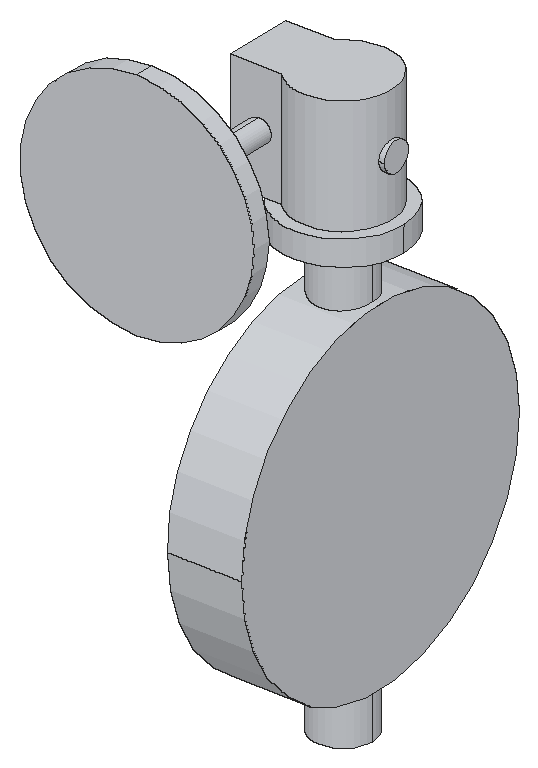
Revit family "HS497-67_disk-litina-převodové kolo DN500-RFA_2018", category Pipe Accessories, Revit 2018
Family settings
  Round Connector Dimension = Use Diameter
  Part Type = Valve - Breaks Into
  Work Plane-Based = No
  Always vertical = Yes
  Cut with Voids When Loaded = No
  Shared = No
Parameters (values of type "HS 497-67_DN500_PN10_převodové kolo")
  magiProductId = "7647804f32e94cef828a7034a91a46"
  magiProductFamilyId = "53cea81e6f374d17b8841d9c72ad77"
  magiPartTypeId = 305
  isMeasuringValve [instance] = no
  ang2D [instance] = 0.00°
  X11 = 143.397 mm
  X1 = 59.397 mm
  W2D = 1000 mm
  VersionID = "2.0/2017.9.26.1/ZETKAMA_497_001"
  Use Minimum Symbol Size [instance] = yes
  URL = "http://www.hydronic.cz"
  Type Comments = "mezipřírubová; litinový disk; PN10; -10~+110°C (krátkodobě +120°C)"
  SW30 = yes
  SW3 = yes
  SW21 = no
  SW20 = no
  SW2 = no
  SW1 = no
  R = 250 mm
  QmdConnectorList = "301;D;302;D"
  Productdata [instance] = ""
  NC = 91.5 mm
  Model = ""
  Manufacturer = "Hydronic Systems Prague s.r.o."
  MM20 = 59.397 mm
  MC Product Code = "125 500 (litinový disk, s převodovým kolem; DN500; PN10, kvs23805)"
  M41 = 144.75 mm
  M4 = 96.5 mm
  LHL = 220 mm
  LHH3 = 2.45 mm
  LHH1 = 46.55 mm
  LH1 = 73.333 mm
  L4R__ve = -L4R  # -32.1 mm
  L4R = 32.1 mm
  L42__ve = -L42  # -240.75 mm
  L42 = 240.75 mm
  L41__ve = -L41  # -48.15 mm
  L41 = 48.15 mm
  L2D_Min = 3048 mm
  L2D = 216 mm
  L2 = 63.5 mm
  L1 = 101.6 mm
  L = 127 mm
  H = 38 mm
  G22 = 11.25 mm
  G2 = 22.5 mm
  G1 = 90 mm
  G = 210 mm
  F = 36 mm
  E44 = 100 mm
  E42 = 200 mm
  E4 = 400 mm
  E23 = 4.9 mm
  E22 = 19.6 mm
  E21 = 9.8 mm
  Description = "Mezipřírubová uzavírací klapka s převodovým kolem; litinový disk, DN500; PN10; kvs23805"
  DR2 = 250 mm
  DR = 593 mm
  DD1 = 50 mm
  DD = 40 mm
  D = 500 mm
  CAT0 = yes
  B2__ve = -B2  # -130 mm
  B2 = 130 mm
  A2 = 43.25 mm
  A1 = 139.25 mm
Types (43, lengths in mm): name | magiProductId | X11 | X1 | Type Comments | SW30 | SW3 | SW20 | SW2 | SW1 | R | NC | MM20 | MC Product Code | M41 | M4 | LHL | LHH3 | LHH1 | LH1 | L4R__ve | L4R | L42__ve | L42 | L41__ve | L41 | L2 | L1 | L | H | G | F | E44 | E42 | E4 | E23 | E22 | E21 | Description | DR2 | DR | DD1 | DD | D | B2__ve | B2 | A2 | A1
  HS 497-67_DN100_PN16_volné vřeteno | "65d1b245f4f142c78569c0602d5754" | 61.456 | 25.456 | "mezipřírubová; litinový disk; PN16; -10~+110°C (krátkodobě +120°C)" | no | no | no | no | yes | 50 | 50 | 25.456 | "123 100 (litinový disk, s volným vřetenem; DN100; PN16, kvs512)" | 66 | 44 | 220 | 2.45 | 46.55 | 73.333 | -12.8 | 12.8 | -96 | 96 | -19.2 | 19.2 | 26 | 41.6 | 52 | 30 | 90 | 11 | 31.25 | 62.5 | 125 | 4.9 | 19.6 | 9.8 | "Mezipřírubová uzavírací klapka s volným vřetenem; litinový disk, DN100; PN16; kvs512" | 50 | 147 | 15.625 | 12.5 | 100 | -56 | 56 | 16.5 | 98.5
  HS 497-67_DN100_PN16_převodové kolo | "11e91b807e674d428c8e796fcdcfe2" | 61.456 | 25.456 | "mezipřírubová; litinový disk; PN16; -10~+110°C (krátkodobě +120°C)" | yes | yes | no | no | no | 50 | 50 | 25.456 | "125 100 (litinový disk, s převodovým kolem; DN100; PN16, kvs512)" | 65.25 | 43.5 | 220 | 2.45 | 46.55 | 73.333 | -12.8 | 12.8 | -96 | 96 | -19.2 | 19.2 | 26 | 41.6 | 52 | 30 | 90 | 11 | 31.25 | 62.5 | 125 | 4.9 | 19.6 | 9.8 | "Mezipřírubová uzavírací klapka s převodovým kolem; litinový disk, DN100; PN16; kvs512" | 50 | 147 | 15.625 | 12.5 | 100 | -56 | 56 | 16.5 | 98.5
  HS 497-67_DN100_PN16_s pákou | "28172f0b3f4b47b28323ac71cf8749" | 61.456 | 25.456 | "mezipřírubová; litinový disk; PN16; -10~+110°C (krátkodobě +120°C)" | no | no | yes | yes | no | 50 | 50 | 25.456 | "120 100 (litinový disk, s pákou; DN100; PN16, kvs512)" | 66 | 44 | 260 | 3 | 57 | 86.667 | -12.8 | 12.8 | -96 | 96 | -19.2 | 19.2 | 26 | 41.6 | 52 | 30 | 90 | 11 | 31.25 | 62.5 | 125 | 6 | 24 | 12 | "Mezipřírubová uzavírací klapka s pákou; litinový disk, DN100; PN16; kvs512" | 50 | 147 | 15.625 | 12.5 | 100 | -56 | 56 | 16.5 | 98.5
  HS 497-67_DN125_PN16_volné vřeteno | "0d813d910fc14f628bb3c2efbd185c" | 61.456 | 25.456 | "mezipřírubová; litinový disk; PN16; -10~+110°C (krátkodobě +120°C)" | no | no | no | no | yes | 62.5 | 50 | 25.456 | "123 125 (litinový disk, s volným vřetenem; DN125; PN16, kvs872)" | 66 | 44 | 220 | 2.45 | 46.55 | 73.333 | -12.8 | 12.8 | -96 | 96 | -19.2 | 19.2 | 28 | 44.8 | 56 | 33 | 90 | 14 | 31.25 | 62.5 | 125 | 4.9 | 19.6 | 9.8 | "Mezipřírubová uzavírací klapka s volným vřetenem; litinový disk, DN125; PN16; kvs872" | 62.5 | 180 | 15.625 | 12.5 | 125 | -64 | 64 | 18 | 99.5
  HS 497-67_DN125_PN16_převodové kolo | "c56b7c13f372467684996fb1e0e229" | 61.456 | 25.456 | "mezipřírubová; litinový disk; PN16; -10~+110°C (krátkodobě +120°C)" | yes | yes | no | no | no | 62.5 | 50 | 25.456 | "125 125 (litinový disk, s převodovým kolem; DN125; PN16, kvs872)" | 65.25 | 43.5 | 220 | 2.45 | 46.55 | 73.333 | -13.5 | 13.5 | -101.25 | 101.25 | -20.25 | 20.25 | 28 | 44.8 | 56 | 33 | 90 | 14 | 40 | 80 | 160 | 4.9 | 19.6 | 9.8 | "Mezipřírubová uzavírací klapka s převodovým kolem; litinový disk, DN125; PN16; kvs872" | 62.5 | 180 | 20 | 16 | 125 | -64 | 64 | 18 | 99.5
  HS 497-67_DN125_PN16_s pákou | "105993c79a91492399feef7931321a" | 61.456 | 25.456 | "mezipřírubová; litinový disk; PN16; -10~+110°C (krátkodobě +120°C)" | no | no | yes | yes | no | 62.5 | 50 | 25.456 | "120 125 (litinový disk, s pákou; DN125; PN16, kvs872)" | 66 | 44 | 315 | 3.75 | 71.25 | 105 | -12.8 | 12.8 | -96 | 96 | -19.2 | 19.2 | 28 | 44.8 | 56 | 33 | 90 | 14 | 31.25 | 62.5 | 125 | 7.5 | 30 | 15 | "Mezipřírubová uzavírací klapka s pákou; litinový disk, DN125; PN16; kvs872" | 62.5 | 180 | 15.625 | 12.5 | 125 | -64 | 64 | 18 | 99.5
  HS 497-67_DN150_PN16_volné vřeteno | "50c80cb8ab434f55ab7796e5ac1331" | 61.456 | 25.456 | "mezipřírubová; litinový disk; PN16; -10~+110°C (krátkodobě +120°C)" | no | no | no | no | yes | 75 | 50 | 25.456 | "123 150 (litinový disk, s volným vřetenem; DN150; PN16, kvs1347)" | 66 | 44 | 220 | 2.45 | 46.55 | 73.333 | -12.8 | 12.8 | -96 | 96 | -19.2 | 19.2 | 28 | 44.8 | 56 | 33 | 90 | 14 | 31.25 | 62.5 | 125 | 4.9 | 19.6 | 9.8 | "Mezipřírubová uzavírací klapka s volným vřetenem; litinový disk, DN150; PN16; kvs1347" | 75 | 206 | 15.625 | 12.5 | 150 | -58 | 58 | 19.3 | 98.7
  HS 497-67_DN150_PN16_převodové kolo | "d94a1a0cf83b476eb10011b327f709" | 61.456 | 25.456 | "mezipřírubová; litinový disk; PN16; -10~+110°C (krátkodobě +120°C)" | yes | yes | no | no | no | 75 | 50 | 25.456 | "125 150 (litinový disk, s převodovým kolem; DN150; PN16, kvs1347)" | 65.25 | 43.5 | 220 | 2.45 | 46.55 | 73.333 | -13.5 | 13.5 | -101.25 | 101.25 | -20.25 | 20.25 | 28 | 44.8 | 56 | 33 | 90 | 14 | 40 | 80 | 160 | 4.9 | 19.6 | 9.8 | "Mezipřírubová uzavírací klapka s převodovým kolem; litinový disk, DN150; PN16; kvs1347" | 75 | 206 | 20 | 16 | 150 | -58 | 58 | 19.3 | 98.7
  HS 497-67_DN150_PN16_s pákou | "4d2835523fe84828bc50ff0a5a0dfb" | 61.456 | 25.456 | "mezipřírubová; litinový disk; PN16; -10~+110°C (krátkodobě +120°C)" | no | no | yes | yes | no | 75 | 50 | 25.456 | "120 150 (litinový disk, s pákou; DN150; PN16, kvs1347)" | 66 | 44 | 315 | 3.75 | 71.25 | 105 | -12.8 | 12.8 | -96 | 96 | -19.2 | 19.2 | 28 | 44.8 | 56 | 33 | 90 | 14 | 31.25 | 62.5 | 125 | 7.5 | 30 | 15 | "Mezipřírubová uzavírací klapka s pákou; litinový disk, DN150; PN16; kvs1347" | 75 | 206 | 15.625 | 12.5 | 150 | -58 | 58 | 19.3 | 98.7
  HS 497-67_DN200_PN16_volné vřeteno | "5b29029eaeba47139ee1055a4b9201" | 61.456 | 25.456 | "mezipřírubová; litinový disk; PN16; -10~+110°C (krátkodobě +120°C)" | no | no | no | no | yes | 100 | 50 | 25.456 | "123 200 (litinový disk, s volným vřetenem; DN200; PN16, kvs2675)" | 66 | 44 | 220 | 2.45 | 46.55 | 73.333 | -12.8 | 12.8 | -96 | 96 | -19.2 | 19.2 | 30 | 48 | 60 | 33 | 90 | 17 | 31.25 | 62.5 | 125 | 4.9 | 19.6 | 9.8 | "Mezipřírubová uzavírací klapka s volným vřetenem; litinový disk, DN200; PN16; kvs2675" | 100 | 257 | 15.625 | 12.5 | 200 | -70 | 70 | 22.5 | 102.5
  HS 497-67_DN200_PN16_převodové kolo | "b2793cc1fcc44cf2a35062cd67c04f" | 61.456 | 25.456 | "mezipřírubová; litinový disk; PN16; -10~+110°C (krátkodobě +120°C)" | yes | yes | no | no | no | 100 | 57 | 25.456 | "125 200 (litinový disk, s převodovým kolem; DN200; PN16, kvs2675)" | 78.75 | 52.5 | 220 | 2.45 | 46.55 | 73.333 | -15.2 | 15.2 | -114 | 114 | -22.8 | 22.8 | 30 | 48 | 60 | 33 | 90 | 17 | 50 | 100 | 200 | 4.9 | 19.6 | 9.8 | "Mezipřírubová uzavírací klapka s převodovým kolem; litinový disk, DN200; PN16; kvs2675" | 100 | 257 | 25 | 20 | 200 | -70 | 70 | 22.5 | 102.5
  HS 497-67_DN200_PN16_s pákou | "f88d96c7af224537a51e72d7d8fffe" | 61.456 | 25.456 | "mezipřírubová; litinový disk; PN16; -10~+110°C (krátkodobě +120°C)" | no | no | yes | yes | no | 100 | 50 | 25.456 | "120 200 (litinový disk, s pákou; DN200; PN16, kvs2675)" | 66 | 44 | 315 | 3.75 | 71.25 | 105 | -12.8 | 12.8 | -96 | 96 | -19.2 | 19.2 | 30 | 48 | 60 | 33 | 90 | 17 | 31.25 | 62.5 | 125 | 7.5 | 30 | 15 | "Mezipřírubová uzavírací klapka s pákou; litinový disk, DN200; PN16; kvs2675" | 100 | 257 | 15.625 | 12.5 | 200 | -70 | 70 | 22.5 | 102.5
  HS 497-67_DN250_PN16_volné vřeteno | "b662e8305ca2402b9c510e66e6aa55" | 88.77 | 36.77 | "mezipřírubová; litinový disk; PN16; -10~+110°C (krátkodobě +120°C)" | no | no | no | no | yes | 125 | 50 | 36.77 | "123 250 (litinový disk, s volným vřetenem; DN250; PN16, kvs4555)" | 66 | 44 | 220 | 2.45 | 46.55 | 73.333 | -12.8 | 12.8 | -96 | 96 | -19.2 | 19.2 | 34 | 54.4 | 68 | 23 | 130 | 22 | 31.25 | 62.5 | 125 | 4.9 | 19.6 | 9.8 | "Mezipřírubová uzavírací klapka s volným vřetenem; litinový disk, DN250; PN16; kvs4555" | 125 | 324 | 15.625 | 12.5 | 250 | -85 | 85 | 28.25 | 129.25
  HS 497-67_DN250_PN16_převodové kolo | "5ee9016806664ddfaa2632711f295c" | 88.77 | 36.77 | "mezipřírubová; litinový disk; PN16; -10~+110°C (krátkodobě +120°C)" | yes | yes | no | no | no | 125 | 70 | 36.77 | "125 250 (litinový disk, s převodovým kolem; DN250; PN16, kvs4555)" | 91.5 | 61 | 220 | 2.45 | 46.55 | 73.333 | -22.2 | 22.2 | -166.5 | 166.5 | -33.3 | 33.3 | 34 | 54.4 | 68 | 23 | 130 | 22 | 62.5 | 125 | 250 | 4.9 | 19.6 | 9.8 | "Mezipřírubová uzavírací klapka s převodovým kolem; litinový disk, DN250; PN16; kvs4555" | 125 | 324 | 31.25 | 25 | 250 | -85 | 85 | 28.25 | 129.25
  HS 497-67_DN300_PN16_volné vřeteno | "e1886f51ff004380a649519258edf2" | 88.77 | 36.77 | "mezipřírubová; litinový disk; PN16; -10~+110°C (krátkodobě +120°C)" | no | no | no | no | yes | 150 | 50 | 36.77 | "123 300 (litinový disk, s volným vřetenem; DN300; PN16, kvs7037)" | 66 | 44 | 220 | 2.45 | 46.55 | 73.333 | -12.8 | 12.8 | -96 | 96 | -19.2 | 19.2 | 39 | 62.4 | 78 | 23 | 130 | 22 | 31.25 | 62.5 | 125 | 4.9 | 19.6 | 9.8 | "Mezipřírubová uzavírací klapka s volným vřetenem; litinový disk, DN300; PN16; kvs7037" | 150 | 376 | 15.625 | 12.5 | 300 | -90 | 90 | 30.8 | 127.2
  HS 497-67_DN300_PN16_převodové kolo | "6860f094f77d42088fbebc3c97f755" | 88.77 | 36.77 | "mezipřírubová; litinový disk; PN16; -10~+110°C (krátkodobě +120°C)" | yes | yes | no | no | no | 150 | 70 | 36.77 | "125 300 (litinový disk, s převodovým kolem; DN300; PN16, kvs7037)" | 91.5 | 61 | 220 | 2.45 | 46.55 | 73.333 | -22.2 | 22.2 | -166.5 | 166.5 | -33.3 | 33.3 | 39 | 62.4 | 78 | 23 | 130 | 22 | 62.5 | 125 | 250 | 4.9 | 19.6 | 9.8 | "Mezipřírubová uzavírací klapka s převodovým kolem; litinový disk, DN300; PN16; kvs7037" | 150 | 376 | 31.25 | 25 | 300 | -90 | 90 | 30.8 | 127.2
  HS 497-67_DN032_PN16_volné vřeteno | "8c5f65de52aa4067a77564107e31b2" | 61.456 | 25.456 | "mezipřírubová; litinový disk; PN16; -10~+110°C (krátkodobě +120°C)" | no | no | no | no | yes | 16 | 50 | 25.456 | "123 032 (litinový disk, s volným vřetenem; DN32; PN16, kvs78)" | 66 | 44 | 220 | 2.45 | 46.55 | 73.333 | -12.8 | 12.8 | -96 | 96 | -19.2 | 19.2 | 16.5 | 26.4 | 33 | 30 | 90 | 11 | 31.25 | 62.5 | 125 | 4.9 | 19.6 | 9.8 | "Mezipřírubová uzavírací klapka s volným vřetenem; litinový disk, DN32; PN16; kvs78" | 16 | 68 | 15.625 | 12.5 | 32 | -44.2 | 44.2 | 10.25 | 76.25
  HS 497-67_DN032_PN16_převodové kolo | "60aaeffa8b3a4e809ef000e4660060" | 61.456 | 25.456 | "mezipřírubová; litinový disk; PN16; -10~+110°C (krátkodobě +120°C)" | yes | yes | no | no | no | 16 | 50 | 25.456 | "125 032 (litinový disk, s převodovým kolem; DN32; PN16, kvs78)" | 65.25 | 43.5 | 220 | 2.45 | 46.55 | 73.333 | -12.8 | 12.8 | -96 | 96 | -19.2 | 19.2 | 16.5 | 26.4 | 33 | 30 | 90 | 11 | 31.25 | 62.5 | 125 | 4.9 | 19.6 | 9.8 | "Mezipřírubová uzavírací klapka s převodovým kolem; litinový disk, DN32; PN16; kvs78" | 16 | 68 | 15.625 | 12.5 | 32 | -44.2 | 44.2 | 10.25 | 76.25
  HS 497-67_DN032_PN16_s pákou | "9ad8088d610749a1b871aa2aad8007" | 61.456 | 25.456 | "mezipřírubová; litinový disk; PN16; -10~+110°C (krátkodobě +120°C)" | no | no | yes | yes | no | 16 | 50 | 25.456 | "120 032 (litinový disk, s pákou; DN32; PN16, kvs78)" | 66 | 44 | 220 | 2.45 | 46.55 | 73.333 | -12.8 | 12.8 | -96 | 96 | -19.2 | 19.2 | 16.5 | 26.4 | 33 | 30 | 90 | 11 | 31.25 | 62.5 | 125 | 4.9 | 19.6 | 9.8 | "Mezipřírubová uzavírací klapka s pákou; litinový disk, DN32; PN16; kvs78" | 16 | 68 | 15.625 | 12.5 | 32 | -44.2 | 44.2 | 10.25 | 76.25
  HS 497-67_DN350_PN10_volné vřeteno | "72a1e05f22944421b7e9596a877137" | 109.255 | 45.255 | "mezipřírubová; litinový disk; PN10; -10~+110°C (krátkodobě +120°C)" | no | no | no | no | yes | 175 | 50 | 45.255 | "123 350 (litinový disk, s volným vřetenem; DN350; PN10, kvs10165)" | 66 | 44 | 220 | 2.45 | 46.55 | 73.333 | -12.8 | 12.8 | -96 | 96 | -19.2 | 19.2 | 39 | 62.4 | 78 | 31 | 160 | 22 | 31.25 | 62.5 | 125 | 4.9 | 19.6 | 9.8 | "Mezipřírubová uzavírací klapka s volným vřetenem; litinový disk, DN350; PN10; kvs10165" | 175 | 430 | 15.625 | 12.5 | 350 | -88 | 88 | 33.85 | 129.65
  HS 497-67_DN350_PN10_převodové kolo | "a5a01426cb28494ba3afca92f1dace" | 109.255 | 45.255 | "mezipřírubová; litinový disk; PN10; -10~+110°C (krátkodobě +120°C)" | yes | yes | no | no | no | 175 | 70 | 45.255 | "125 350 (litinový disk, s převodovým kolem; DN350; PN10, kvs10165)" | 91.5 | 61 | 220 | 2.45 | 46.55 | 73.333 | -22.2 | 22.2 | -166.5 | 166.5 | -33.3 | 33.3 | 39 | 62.4 | 78 | 31 | 160 | 22 | 62.5 | 125 | 250 | 4.9 | 19.6 | 9.8 | "Mezipřírubová uzavírací klapka s převodovým kolem; litinový disk, DN350; PN10; kvs10165" | 175 | 430 | 31.25 | 25 | 350 | -88 | 88 | 33.85 | 129.65
  HS 497-67_DN400_PN10_volné vřeteno | "c70ebeb927c04ab99b176e257ad0a7" | 109.255 | 45.255 | "mezipřírubová; litinový disk; PN10; -10~+110°C (krátkodobě +120°C)" | no | no | no | no | yes | 200 | 50 | 45.255 | "123 400 (litinový disk, s volným vřetenem; DN400; PN10, kvs13799)" | 66 | 44 | 220 | 2.45 | 46.55 | 73.333 | -12.8 | 12.8 | -96 | 96 | -19.2 | 19.2 | 51 | 81.6 | 102 | 31 | 160 | 27 | 31.25 | 62.5 | 125 | 4.9 | 19.6 | 9.8 | "Mezipřírubová uzavírací klapka s volným vřetenem; litinový disk, DN400; PN10; kvs13799" | 200 | 485 | 15.625 | 12.5 | 400 | -108 | 108 | 38 | 142
  HS 497-67_DN400_PN10_převodové kolo | "cc64a4384dcb41b780d81810f4f293" | 109.255 | 45.255 | "mezipřírubová; litinový disk; PN10; -10~+110°C (krátkodobě +120°C)" | yes | yes | no | no | no | 200 | 72.5 | 45.255 | "125 400 (litinový disk, s převodovým kolem; DN400; PN10, kvs13799)" | 103.5 | 69 | 220 | 2.45 | 46.55 | 73.333 | -27.8 | 27.8 | -208.5 | 208.5 | -41.7 | 41.7 | 51 | 81.6 | 102 | 31 | 160 | 27 | 75 | 150 | 300 | 4.9 | 19.6 | 9.8 | "Mezipřírubová uzavírací klapka s převodovým kolem; litinový disk, DN400; PN10; kvs13799" | 200 | 485 | 37.5 | 30 | 400 | -108 | 108 | 38 | 142
  HS 497-67_DN040_PN16_volné vřeteno | "35f92312390745e88df5b5c325d9ee" | 61.456 | 25.456 | "mezipřírubová; litinový disk; PN16; -10~+110°C (krátkodobě +120°C)" | no | no | no | no | yes | 20 | 50 | 25.456 | "123 040 (litinový disk, s volným vřetenem; DN40; PN16, kvs78)" | 66 | 44 | 220 | 2.45 | 46.55 | 73.333 | -12.8 | 12.8 | -96 | 96 | -19.2 | 19.2 | 16.5 | 26.4 | 33 | 30 | 90 | 11 | 31.25 | 62.5 | 125 | 4.9 | 19.6 | 9.8 | "Mezipřírubová uzavírací klapka s volným vřetenem; litinový disk, DN40; PN16; kvs78" | 20 | 76 | 15.625 | 12.5 | 40 | -36 | 36 | 11 | 79
  HS 497-67_DN040_PN16_převodové kolo | "d88e968eae3445bc9b7b4e6ff35127" | 61.456 | 25.456 | "mezipřírubová; litinový disk; PN16; -10~+110°C (krátkodobě +120°C)" | yes | yes | no | no | no | 20 | 50 | 25.456 | "125 040 (litinový disk, s převodovým kolem; DN40; PN16, kvs78)" | 65.25 | 43.5 | 220 | 2.45 | 46.55 | 73.333 | -12.8 | 12.8 | -96 | 96 | -19.2 | 19.2 | 16.5 | 26.4 | 33 | 30 | 90 | 11 | 31.25 | 62.5 | 125 | 4.9 | 19.6 | 9.8 | "Mezipřírubová uzavírací klapka s převodovým kolem; litinový disk, DN40; PN16; kvs78" | 20 | 76 | 15.625 | 12.5 | 40 | -36 | 36 | 11 | 79
  HS 497-67_DN040_PN16_s pákou | "c1b522ca65b4407a98818f232eaacb" | 61.456 | 25.456 | "mezipřírubová; litinový disk; PN16; -10~+110°C (krátkodobě +120°C)" | no | no | yes | yes | no | 20 | 50 | 25.456 | "120 040 (litinový disk, s pákou; DN40; PN16, kvs78)" | 66 | 44 | 220 | 2.45 | 46.55 | 73.333 | -12.8 | 12.8 | -96 | 96 | -19.2 | 19.2 | 16.5 | 26.4 | 33 | 30 | 90 | 11 | 31.25 | 62.5 | 125 | 4.9 | 19.6 | 9.8 | "Mezipřírubová uzavírací klapka s pákou; litinový disk, DN40; PN16; kvs78" | 20 | 76 | 15.625 | 12.5 | 40 | -36 | 36 | 11 | 79
  HS 497-67_DN450_PN10_volné vřeteno | "a8358bc282f14872b3194e530e590a" | 129.74 | 53.74 | "mezipřírubová; litinový disk; PN10; -10~+110°C (krátkodobě +120°C)" | no | no | no | no | yes | 225 | 50 | 53.74 | "123 450 (litinový disk, s volným vřetenem; DN450; PN10, kvs18514)" | 66 | 44 | 220 | 2.45 | 46.55 | 73.333 | -12.8 | 12.8 | -96 | 96 | -19.2 | 19.2 | 57 | 91.2 | 114 | 38 | 190 | 36 | 31.25 | 62.5 | 125 | 4.9 | 19.6 | 9.8 | "Mezipřírubová uzavírací klapka s volným vřetenem; litinový disk, DN450; PN10; kvs18514" | 225 | 536 | 15.625 | 12.5 | 450 | -115 | 115 | 38.05 | 117.45
  HS 497-67_DN450_PN10_převodové kolo | "cdf2d80f54a9414f9cbe50647c0ebd" | 129.74 | 53.74 | "mezipřírubová; litinový disk; PN10; -10~+110°C (krátkodobě +120°C)" | yes | yes | no | no | no | 225 | 91.5 | 53.74 | "125 450 (litinový disk, s převodovým kolem; DN450; PN10, kvs18514)" | 144.75 | 96.5 | 220 | 2.45 | 46.55 | 73.333 | -32.1 | 32.1 | -240.75 | 240.75 | -48.15 | 48.15 | 57 | 91.2 | 114 | 38 | 190 | 36 | 100 | 200 | 400 | 4.9 | 19.6 | 9.8 | "Mezipřírubová uzavírací klapka s převodovým kolem; litinový disk, DN450; PN10; kvs18514" | 225 | 536 | 50 | 40 | 450 | -115 | 115 | 38.05 | 117.45
  HS 497-67_DN500_PN10_volné vřeteno | "8c396e27bb2743f98f3c762b6517cd" | 143.397 | 59.397 | "mezipřírubová; litinový disk; PN10; -10~+110°C (krátkodobě +120°C)" | no | no | no | no | yes | 250 | 50 | 59.397 | "123 500 (litinový disk, s volným vřetenem; DN500; PN10, kvs23805)" | 66 | 44 | 220 | 2.45 | 46.55 | 73.333 | -12.8 | 12.8 | -96 | 96 | -19.2 | 19.2 | 63.5 | 101.6 | 127 | 38 | 210 | 36 | 31.25 | 62.5 | 125 | 4.9 | 19.6 | 9.8 | "Mezipřírubová uzavírací klapka s volným vřetenem; litinový disk, DN500; PN10; kvs23805" | 250 | 593 | 15.625 | 12.5 | 500 | -130 | 130 | 43.25 | 139.25
  HS 497-67_DN500_PN10_převodové kolo | "7647804f32e94cef828a7034a91a46" | 143.397 | 59.397 | "mezipřírubová; litinový disk; PN10; -10~+110°C (krátkodobě +120°C)" | yes | yes | no | no | no | 250 | 91.5 | 59.397 | "125 500 (litinový disk, s převodovým kolem; DN500; PN10, kvs23805)" | 144.75 | 96.5 | 220 | 2.45 | 46.55 | 73.333 | -32.1 | 32.1 | -240.75 | 240.75 | -48.15 | 48.15 | 63.5 | 101.6 | 127 | 38 | 210 | 36 | 100 | 200 | 400 | 4.9 | 19.6 | 9.8 | "Mezipřírubová uzavírací klapka s převodovým kolem; litinový disk, DN500; PN10; kvs23805" | 250 | 593 | 50 | 40 | 500 | -130 | 130 | 43.25 | 139.25
  HS 497-67_DN050_volné vřeteno | "d71f296ecd6d4adf8f6e5d9853b4e0" | 61.456 | 25.456 | "mezipřírubová; litinový disk; PN16; -10~+110°C (krátkodobě +120°C)" | no | no | no | no | yes | 25 | 50 | 25.456 | "123 050 (litinový disk, s volným vřetenem; DN50; PN16, kvs98)" | 66 | 44 | 220 | 2.45 | 46.55 | 73.333 | -12.8 | 12.8 | -96 | 96 | -19.2 | 19.2 | 21.5 | 34.4 | 43 | 30 | 90 | 11 | 31.25 | 62.5 | 125 | 4.9 | 19.6 | 9.8 | "Mezipřírubová uzavírací klapka s volným vřetenem; litinový disk, DN50; PN16; kvs98" | 25 | 100 | 15.625 | 12.5 | 50 | -36.5 | 36.5 | 12 | 83
  HS 497-67_DN050_PN16_převodové kolo | "2fb080deeaed49c58418b94c1da5a4" | 61.456 | 25.456 | "mezipřírubová; litinový disk; PN16; -10~+110°C (krátkodobě +120°C)" | yes | yes | no | no | no | 25 | 50 | 25.456 | "125 050 (litinový disk, s převodovým kolem; DN50; PN16, kvs98)" | 65.25 | 43.5 | 220 | 2.45 | 46.55 | 73.333 | -12.8 | 12.8 | -96 | 96 | -19.2 | 19.2 | 21.5 | 34.4 | 43 | 30 | 90 | 11 | 31.25 | 62.5 | 125 | 4.9 | 19.6 | 9.8 | "Mezipřírubová uzavírací klapka s převodovým kolem; litinový disk, DN50; PN16; kvs98" | 25 | 100 | 15.625 | 12.5 | 50 | -36.5 | 36.5 | 12 | 83
  HS 497-67_DN050_PN16_s pákou | "dabc632061f94877a994b9b4e68112" | 61.456 | 25.456 | "mezipřírubová; litinový disk; PN16; -10~+110°C (krátkodobě +120°C)" | no | no | yes | yes | no | 25 | 50 | 25.456 | "120 050 (litinový disk, s pákou; DN50; PN16, kvs98)" | 66 | 44 | 220 | 2.45 | 46.55 | 73.333 | -12.8 | 12.8 | -96 | 96 | -19.2 | 19.2 | 21.5 | 34.4 | 43 | 30 | 90 | 11 | 31.25 | 62.5 | 125 | 4.9 | 19.6 | 9.8 | "Mezipřírubová uzavírací klapka s pákou; litinový disk, DN50; PN16; kvs98" | 25 | 100 | 15.625 | 12.5 | 50 | -36.5 | 36.5 | 12 | 83
  HS 497-67_DN600_PN10_volné vřeteno | "99d5892c14664fce81a7c5903f7711" | 143.397 | 59.397 | "mezipřírubová; litinový disk; PN10; -10~+110°C (krátkodobě +120°C)" | no | no | no | no | yes | 300 | 50 | 59.397 | "123 600 (litinový disk, s volným vřetenem; DN600; PN10, kvs36778)" | 66 | 44 | 220 | 2.45 | 46.55 | 73.333 | -12.8 | 12.8 | -96 | 96 | -19.2 | 19.2 | 77 | 123.2 | 154 | 80 | 210 | 60 | 31.25 | 62.5 | 125 | 4.9 | 19.6 | 9.8 | "Mezipřírubová uzavírací klapka s volným vřetenem; litinový disk, DN600; PN10; kvs36788" | 300 | 690 | 15.625 | 12.5 | 600 | -140 | 140 | 49.4 | 144.6
  HS 497-67_DN600_PN10_převodové kolo | "b1e26faab48a4c499f6bb11e7e3002" | 143.397 | 59.397 | "mezipřírubová; litinový disk; PN10; -10~+110°C (krátkodobě +120°C)" | yes | yes | no | no | no | 300 | 140 | 59.397 | "125 600 (litinový disk, s převodovým kolem; DN600; PN10, kvs36778)" | 206.25 | 137.5 | 220 | 2.45 | 46.55 | 73.333 | -40.8 | 40.8 | -306 | 306 | -61.2 | 61.2 | 77 | 123.2 | 154 | 80 | 210 | 60 | 125 | 250 | 500 | 4.9 | 19.6 | 9.8 | "Mezipřírubová uzavírací klapka s převodovým kolem; litinový disk, DN600; PN10; kvs36788" | 300 | 690 | 62.5 | 50 | 600 | -140 | 140 | 49.4 | 144.6
  HS 497-67_DN065_PN16_volné vřeteno | "5e5e208646e34ec29f889baab5d08e" | 61.456 | 25.456 | "mezipřírubová; litinový disk; PN16; -10~+110°C (krátkodobě +120°C)" | no | no | no | no | yes | 32.5 | 50 | 25.456 | "123 065 (litinový disk, s volným vřetenem; DN65; PN16, kvs167)" | 66 | 44 | 220 | 2.45 | 46.55 | 73.333 | -12.8 | 12.8 | -96 | 96 | -19.2 | 19.2 | 23 | 36.8 | 46 | 30 | 90 | 11 | 31.25 | 62.5 | 125 | 4.9 | 19.6 | 9.8 | "Mezipřírubová uzavírací klapka s volným vřetenem; litinový disk, DN65; PN16; kv167" | 32.5 | 108 | 15.625 | 12.5 | 65 | -36.5 | 36.5 | 13.5 | 89
  HS 497-67_DN065_PN16_převodové kolo | "654d74c8d15540b0bfe523d988ccb3" | 61.456 | 25.456 | "mezipřírubová; litinový disk; PN16; -10~+110°C (krátkodobě +120°C)" | yes | yes | no | no | no | 32.5 | 50 | 25.456 | "125 065 (litinový disk, s převodovým kolem; DN65; PN16, kvs167)" | 65.25 | 43.5 | 220 | 2.45 | 46.55 | 73.333 | -12.8 | 12.8 | -96 | 96 | -19.2 | 19.2 | 23 | 36.8 | 46 | 30 | 90 | 11 | 31.25 | 62.5 | 125 | 4.9 | 19.6 | 9.8 | "Mezipřírubová uzavírací klapka s převodovým kolem; litinový disk, DN65; PN16; kvs167" | 32.5 | 108 | 15.625 | 12.5 | 65 | -36.5 | 36.5 | 13.5 | 89
  HS 497-67_DN065_PN16_s pákou | "ebeb4b59db0641caaf6d6635ab37b9" | 61.456 | 25.456 | "mezipřírubová; litinový disk; PN16; -10~+110°C (krátkodobě +120°C)" | no | no | yes | yes | no | 32.5 | 50 | 25.456 | "120 065 (litinový disk, s pákou; DN65; PN16, kvs167)" | 66 | 44 | 220 | 2.45 | 46.55 | 73.333 | -12.8 | 12.8 | -96 | 96 | -19.2 | 19.2 | 23 | 36.8 | 46 | 30 | 90 | 11 | 31.25 | 62.5 | 125 | 4.9 | 19.6 | 9.8 | "Mezipřírubová uzavírací klapka s pákou; litinový disk, DN65; PN16; kvs167" | 32.5 | 108 | 15.625 | 12.5 | 65 | -36.5 | 36.5 | 13.5 | 89
  HS 497-67_DN080_PN16_volné vřeteno | "9e85c75c18654e1185a9c48ed6b00e" | 61.456 | 25.456 | "mezipřírubová; litinový disk; PN16; -10~+110°C (krátkodobě +120°C)" | no | no | no | no | yes | 40 | 50 | 25.456 | "123 080 (litinový disk, s volným vřetenem; DN80; PN16, kvs258)" | 66 | 44 | 220 | 2.45 | 46.55 | 73.333 | -12.8 | 12.8 | -96 | 96 | -19.2 | 19.2 | 23 | 36.8 | 46 | 30 | 90 | 11 | 31.25 | 62.5 | 125 | 4.9 | 19.6 | 9.8 | "Mezipřírubová uzavírací klapka s volným vřetenem; litinový disk, DN80; PN16; kvs258" | 40 | 124 | 15.625 | 12.5 | 80 | -54 | 54 | 14.1 | 86.9
  HS 497-67_DN080_PN16_převodové kolo | "5b3c8238c3d041e68c75b199e7ea46" | 61.456 | 25.456 | "mezipřírubová; litinový disk; PN16; -10~+110°C (krátkodobě +120°C)" | yes | yes | no | no | no | 40 | 50 | 25.456 | "125 080 (litinový disk, s převodovým kolem; DN80; PN16, kvs258)" | 65.25 | 43.5 | 220 | 2.45 | 46.55 | 73.333 | -12.8 | 12.8 | -96 | 96 | -19.2 | 19.2 | 23 | 36.8 | 46 | 30 | 90 | 11 | 31.25 | 62.5 | 125 | 4.9 | 19.6 | 9.8 | "Mezipřírubová uzavírací klapka s převodovým kolem; litinový disk, DN80; PN16; kvs258" | 40 | 124 | 15.625 | 12.5 | 80 | -54 | 54 | 14.1 | 86.9
  HS 497-67_DN080_PN16_s pákou | "e414795fab0f4eccb99bc3572c5477" | 61.456 | 25.456 | "mezipřírubová; litinový disk; PN16; -10~+110°C (krátkodobě +120°C)" | no | no | yes | yes | no | 40 | 50 | 25.456 | "120 080 (litinový disk, s pákou; DN80; PN16, kvs258)" | 66 | 44 | 260 | 3 | 57 | 86.667 | -12.8 | 12.8 | -96 | 96 | -19.2 | 19.2 | 23 | 36.8 | 46 | 30 | 90 | 11 | 31.25 | 62.5 | 125 | 6 | 24 | 12 | "Mezipřírubová uzavírací klapka s pákou; litinový disk, DN80; PN16; kvs258" | 40 | 124 | 15.625 | 12.5 | 80 | -54 | 54 | 14.1 | 86.9
  HS 497-67_DN250_PN16_s pákou | "" | 88.77 | 36.77 | "mezipřírubová; litinový disk; PN16; -10~+110°C (krátkodobě +120°C)" | no | no | yes | yes | no | 125 | 70 | 36.77 | "120 250 (litinový disk, s pákou; DN250; PN16, kvs4555)" | 91.5 | 61 | 220 | 2.45 | 46.55 | 73.333 | -22.2 | 22.2 | -166.5 | 166.5 | -33.3 | 33.3 | 34 | 54.4 | 68 | 23 | 130 | 22 | 62.5 | 125 | 250 | 4.9 | 19.6 | 9.8 | "Mezipřírubová uzavírací klapka s pákou; litinový disk, DN250; PN16; kvs4555" | 125 | 324 | 31.25 | 25 | 250 | -85 | 85 | 28.25 | 129.25
  HS 497-67_DN300_PN16_s pákou | "" | 88.77 | 36.77 | "mezipřírubová; litinový disk; PN16; -10~+110°C (krátkodobě +120°C)" | no | no | yes | yes | no | 150 | 70 | 36.77 | "120 300 (litinový disk, s pákou; DN300; PN16, kvs7037)" | 91.5 | 61 | 220 | 2.45 | 46.55 | 73.333 | -22.2 | 22.2 | -166.5 | 166.5 | -33.3 | 33.3 | 39 | 62.4 | 78 | 23 | 130 | 22 | 62.5 | 125 | 250 | 4.9 | 19.6 | 9.8 | "Mezipřírubová uzavírací klapka s pákou; litinový disk, DN300; PN16; kvs7037" | 150 | 376 | 31.25 | 25 | 300 | -90 | 90 | 30.8 | 127.2
Reference planes
  plane 1 "Center (Front/Back)": y = 0
  plane 2 "XYPLANE": z = 0
  plane 3 "Center (Left/Right)": x = 0
  plane 4 "473": x = -59.397
  plane 5 "472": x = -144.75
  plane 6 "471": y = -59.397
  plane 7 "470": y = 59.397
  plane 8 "469": x = -96.5
  plane 9 "468": y = -288.9
  plane 10 "467": y = -240.75
  plane 11 "466": z = 532.5
  plane 12 "465": z = 479.05
  plane 13 "464": y = 145.417
  plane 14 "463": z = 469.25
  plane 15 "462": z = 452.1
  plane 16 "461": z = 461.9
  plane 17 "460": y = 72.083
  plane 18 "459": x = -11.25
  plane 19 "458": x = 11.25
  plane 20 "457": y = -6.25
  plane 21 "456": x = -17.5
  plane 22 "455": x = 17.5
  plane 23 "454": z = 466.8
  plane 24 "453": y = 62.083
  plane 25 "452": y = -11.25
  plane 26 "451": x = -22.5
  plane 27 "450": x = 22.5
  plane 28 "449": z = 447.2
  plane 29 "448": z = 442.3
  plane 30 "447": z = -250
  plane 31 "446": z = 432.5
  plane 32 "445": z = 389.25
  plane 33 "444": z = 250
  plane 34 "443": x = 63.5
  plane 35 "442": x = -63.5
  plane 36 "441": z = 0
  plane 37 "440": y = 0
  plane 38 "439": x = 0
  plane 39 "438": z = 481.5
  plane 40 "437": z = 466.8
  plane 41 "436": x = 13.7
  plane 42 "435": x = -13.7
  plane 43 "434": y = 220
Forms (mm)
  Extrusion 1, solid, visible <- "SW3"
    sketch origin (-750, 0, 432.5) x (1, 0, 0) y (0, 1, 0)
      loop
        line (605.25, 59.397) -> (605.25, -59.397) -> (690.603, -59.397)
        arc (690.603, -59.397) -> (834, 0) -> (690.603, 59.397) r 84
        line (690.603, 59.397) -> (605.25, 59.397)
    from 0 to 200 <- "E42"
  Extrusion 2, solid, visible <- "SW30"
    sketch origin (0, -750, 0) x (0, 1, 0) y (0, 0, 1)
      loop
        circle (750, 532.5) r 25
    from 0 to 91.5 <- "NC"
  Extrusion 3, solid, visible <- "SW30"
    sketch origin (750, -288.9, 0) x (-1, 0, 0) y (0, 0, 1)
      loop
        circle (846.5, 532.5) r 200
    from 0 to -32.1 <- "L4R__ve"
  Extrusion 4, solid, visible <- "SW3"
    sketch origin (750, -240.75, 0) x (-1, 0, 0) y (0, 0, 1)
      loop
        circle (846.5, 532.5) r 25
    from 0 to -48.15 <- "L41__ve"
  Extrusion 5, solid, visible <- "SW30"
    sketch origin (750, 0, 0) x (-1, 0, 0) y (0, 0, 1)
      loop
        circle (846.5, 532.5) r 20
    from 0 to -240.75 <- "L42__ve"
  Blend 6, solid, visible <- "SW21"
    base sketch origin (750, 72.083, 0) x (-1, 0, 0) y (0, 0, 1)
      loop
        line (761.25, 461.9) -> (738.75, 461.9) -> (738.75, 452.1) -> (761.25, 452.1) -> (761.25, 461.9)
    top sketch origin (750, 72.083, 0) x (-1, 0, 0) y (0, 0, 1)
      loop
        line (761.25, 479.05) -> (738.75, 479.05) -> (738.75, 469.25) -> (761.25, 469.25) -> (761.25, 479.05)
    from 0 to 73.333
  Blend 7, solid, visible <- "SW21"
    base sketch origin (750, 62.083, 0) x (-1, 0, 0) y (0, 0, 1)
      loop
        line (761.25, 466.8) -> (738.75, 466.8) -> (738.75, 447.2) -> (761.25, 447.2) -> (761.25, 466.8)
    top sketch origin (750, 62.083, 0) x (-1, 0, 0) y (0, 0, 1)
      loop
        line (761.25, 461.9) -> (738.75, 461.9) -> (738.75, 452.1) -> (761.25, 452.1) -> (761.25, 461.9)
    from 0 to 10
  Blend 8, solid, visible <- "SW21"
    base sketch origin (-750, 0, 447.2) x (1, 0, 0) y (0, 1, 0)
      loop
        line (772.5, 62.083) -> (727.5, 62.083) -> (727.5, -11.25)
        arc (727.5, -11.25) -> (750, -31.25) -> (772.5, -11.25) r 22.656
        line (772.5, -11.25) -> (772.5, 62.083)
    top sketch origin (-750, 0, 447.2) x (1, 0, 0) y (0, 1, 0)
      loop
        line (767.5, 62.083) -> (732.5, 62.083) -> (732.5, -6.25)
        arc (732.5, -6.25) -> (750, -26.25) -> (767.5, -6.25) r 17.656
        line (767.5, -6.25) -> (767.5, 62.083)
    from 0 to 19.6
  Extrusion 9, solid, visible <- "SW2"
    sketch origin (-750, 0, 442.3) x (1, 0, 0) y (0, 1, 0)
      loop
        circle (750, 0) r 11.25
    from 0 to 4.9 <- "E23"
  Extrusion 10, solid, visible <- "SW2"
    sketch origin (-750, 0, 432.5) x (1, 0, 0) y (0, 1, 0)
      loop
        circle (750, 0) r 45
    from 0 to 9.8 <- "E21"
  Extrusion 11, solid, visible <- "CAT0"
    sketch origin (-750, 0, -250) x (1, 0, 0) y (0, 1, 0)
      loop
        circle (750, 0) r 50.8
    from 0 to -130 <- "B2__ve"
  Extrusion 12, solid, visible <- "CAT0"
    sketch origin (-750, 0, 389.25) x (1, 0, 0) y (0, 1, 0)
      loop
        circle (750, 0) r 105
    from 0 to 43.25 <- "A2"
  Extrusion 13, solid, visible <- "CAT0"
    sketch origin (-750, 0, 250) x (1, 0, 0) y (0, 1, 0)
      loop
        circle (750, 0) r 50.8
    from 0 to 139.25 <- "A1"
  Extrusion 14, solid, visible <- "CAT0"
    sketch origin (-63.5, -750, 0) x (0, 1, 0) y (0, 0, 1)
      loop
        circle (750, 0) r 296.5
    from 0 to 127 <- "L"
  Extrusion 15, solid, visible <- "SW1"
    sketch origin (-750, 0, 432.5) x (1, 0, 0) y (0, 1, 0)
      loop
        line (768, 18) -> (732, 18) -> (732, -18) -> (768, -18) -> (768, 18)
    from 0 to 38 <- "H"
  Blend 16, solid, visible <- "SW2"
    base sketch origin (750, 145.417, 0) x (-1, 0, 0) y (0, 0, 1)
      loop
        arc (763.7, 476.5) -> (762.236, 480.036) -> (758.7, 481.5) r 5
        line (758.7, 481.5) -> (741.3, 481.5)
        arc (741.3, 481.5) -> (737.764, 480.036) -> (736.3, 476.5) r 5
        line (736.3, 476.5) -> (736.3, 471.8)
        arc (736.3, 471.8) -> (737.764, 468.264) -> (741.3, 466.8) r 5
        line (741.3, 466.8) -> (758.7, 466.8)
        arc (758.7, 466.8) -> (762.236, 468.264) -> (763.7, 471.8) r 5
        line (763.7, 471.8) -> (763.7, 476.5)
    top sketch origin (750, 145.417, 0) x (-1, 0, 0) y (0, 0, 1)
      loop
        arc (763.7, 476.5) -> (762.236, 480.036) -> (758.7, 481.5) r 5
        line (758.7, 481.5) -> (741.3, 481.5)
        arc (741.3, 481.5) -> (737.764, 480.036) -> (736.3, 476.5) r 5
        line (736.3, 476.5) -> (736.3, 471.8)
        arc (736.3, 471.8) -> (737.764, 468.264) -> (741.3, 466.8) r 5
        line (741.3, 466.8) -> (758.7, 466.8)
        arc (758.7, 466.8) -> (762.236, 468.264) -> (763.7, 471.8) r 5
        line (763.7, 471.8) -> (763.7, 476.5)
    from 0 to 74.583
  Blend 17, solid, visible <- "SW20"
    base sketch origin (750, 145.417, 0) x (-1, 0, 0) y (0, 0, 1)
      loop
        line (763.7, 481.5) -> (736.3, 481.5) -> (736.3, 466.8) -> (763.7, 466.8) -> (763.7, 481.5)
    top sketch origin (750, 145.417, 0) x (-1, 0, 0) y (0, 0, 1)
      loop
        line (761.25, 466.8) -> (738.75, 466.8) -> (738.75, 447.2) -> (761.25, 447.2) -> (761.25, 466.8)
    from 0 to -83.333
  Extrusion 18, solid, visible <- "SW20"
    sketch origin (-750, 0, 447.2) x (1, 0, 0) y (0, 1, 0)
      loop
        line (772.5, 62.083) -> (727.5, 62.083) -> (727.5, -11.25)
        arc (727.5, -11.25) -> (750, -31.25) -> (772.5, -11.25) r 22.656
        line (772.5, -11.25) -> (772.5, 62.083)
    from 0 to 19.6 <- "E22"
  Extrusion 19, solid, not visible
    sketch origin (-63.5, -750, 0) x (0, 1, 0) y (0, 0, 1)
      loop
        circle (750, 0) r 10
    from 0 to 10
  Extrusion 20, solid, not visible
    sketch origin (63.5, -750, 0) x (0, 1, 0) y (0, 0, 1)
      loop
        circle (750, 0) r 10
    from 0 to -10
Lines and regions (mm)
  reference lines, not visible
    curve 1: circle (2, 2, 0) r 1 normal (0, 0, 1)
  reference lines
    curve 2: line (-59.397, -59.397, 432.5) -> (-59.397, 59.397, 432.5)
    curve 3: line (-17.5, -6.25, 447.2) -> (17.5, -6.25, 447.2)
    curve 4: line (-22.5, -11.25, 447.2) -> (22.5, -11.25, 447.2)
    curve 5: circle (0, 0, 432.5) r 1 normal (0, 0, 1)
    curve 6: line (-22.5, -11.25, 447.2) -> (22.5, -11.25, 447.2)
Dimensions and locks
  plane 1 "Center (Front/Back)" to curve 1 = 2 mm
  "X1": plane 3 "Center (Left/Right)" to plane 4 "473"
  "M41": plane 3 "Center (Left/Right)" to plane 5 "472"
  "MM20": plane 1 "Center (Front/Back)" to plane 6 "471"
  "MM20": plane 1 "Center (Front/Back)" to plane 7 "470"
  "M4": plane 3 "Center (Left/Right)" to plane 8 "469"
  "L41": plane 10 "467" to plane 9 "468"
  "L42": plane 1 "Center (Front/Back)" to plane 10 "467"
  "E44": plane 31 "446" to plane 11 "466"
  "LHH1": plane 31 "446" to plane 12 "465"
  "LH1": plane 17 "460" to plane 13 "464"
  "E21": plane 12 "465" to plane 14 "463"
  "E21": plane 16 "461" to plane 15 "462"
  "E23": plane 23 "454" to plane 16 "461"
  locked: plane 24 "453" to plane 17 "460" at 10
  "G22": plane 3 "Center (Left/Right)" to plane 18 "459"
  "G22": plane 3 "Center (Left/Right)" to plane 19 "458"
  locked: plane 25 "452" to plane 20 "457" at 5
  locked: plane 26 "451" to plane 21 "456" at 5
  locked: plane 27 "450" to plane 22 "455" at 5
  "E22": plane 28 "449" to plane 23 "454"
  "LH1": plane 25 "452" to plane 24 "453"
  "G22": plane 1 "Center (Front/Back)" to plane 25 "452"
  "G2": plane 3 "Center (Left/Right)" to plane 26 "451"
  "G2": plane 3 "Center (Left/Right)" to plane 27 "450"
  "E23": plane 29 "448" to plane 28 "449"
  "E21": plane 31 "446" to plane 29 "448"
  "R": plane 2 "XYPLANE" to plane 30 "447"
  "A2": plane 32 "445" to plane 31 "446"
  "A1": plane 33 "444" to plane 32 "445"
  "DR2": plane 2 "XYPLANE" to plane 33 "444"
  "L2": plane 3 "Center (Left/Right)" to plane 34 "443"
  "L2": plane 3 "Center (Left/Right)" to plane 35 "442"
  locked: plane 2 "XYPLANE" to plane 36 "441"
  locked: plane 1 "Center (Front/Back)" to plane 37 "440"
  locked: plane 3 "Center (Left/Right)" to plane 38 "439"
  "LHH3": plane 12 "465" to plane 39 "438"
  "LHH3": plane 14 "463" to plane 40 "437"
  "LHH3": plane 19 "458" to plane 41 "436"
  "LHH3": plane 18 "459" to plane 42 "435"
  "LHL": plane 1 "Center (Front/Back)" to plane 43 "434"
  "X11": curve 2 to Extrusion 1 sketch curve
  Extrusion 1 sketch curve to Extrusion 1 sketch curve = 0 mm  (x8)
  Blend 6 sketch curve to Blend 6 sketch curve = 0 mm  (x16)
  Blend 7 sketch curve to Blend 7 sketch curve = 0 mm  (x16)
  Blend 8 sketch curve to Blend 8 sketch curve = 0 mm  (x16)
  equal spacing: Extrusion 15 sketch curve, curve 5, Extrusion 15 sketch curve  (x2)
  "F": Extrusion 15 sketch curve to Extrusion 15 sketch curve  (x2)
  Blend 16 sketch curve to Blend 16 sketch curve = 0 mm  (x32)
  Blend 17 sketch curve to Blend 17 sketch curve = 0 mm  (x16)
  Extrusion 18 sketch curve to Extrusion 18 sketch curve = 0 mm  (x8)
  "DD1": diameter of Extrusion 2 sketch curve
  "E4": diameter of Extrusion 3 sketch curve
  "DD1": diameter of Extrusion 4 sketch curve
  "DD": diameter of Extrusion 5 sketch curve
  "G2": diameter of Extrusion 9 sketch curve
  "G1": diameter of Extrusion 10 sketch curve
  "L1": diameter of Extrusion 11 sketch curve
  "G": diameter of Extrusion 12 sketch curve
  "L1": diameter of Extrusion 13 sketch curve
  "DR": diameter of Extrusion 14 sketch curve
  radius of Blend 16 sketch curve = 5 mm  (x8)
  aligned and locked: level to plane 2 "XYPLANE"
  aligned and locked: Extrusion 1 sketch curve to plane 5 "472"
  aligned and locked: plane 7 "470" to Extrusion 1 sketch curve
  aligned and locked: plane 6 "471" to Extrusion 1 sketch curve
  aligned and locked: plane 5 "472" to Extrusion 1 sketch curve
  aligned and locked: plane 4 "473" to Extrusion 1 sketch curve  (x2)
  aligned and locked: plane 4 "473" to curve 2
  aligned and locked: plane 6 "471" to curve 2
  aligned and locked: plane 7 "470" to curve 2
  aligned and locked: Extrusion 1 sketch curve to plane 7 "470"
  aligned and locked: plane 11 "466" to Extrusion 2 sketch curve
  aligned and locked: plane 37 "440" to Extrusion 2 sketch curve
  aligned and locked: plane 8 "469" to Extrusion 3 sketch curve
  aligned and locked: plane 11 "466" to Extrusion 3 sketch curve
  aligned and locked: plane 8 "469" to Extrusion 4 sketch curve
  aligned and locked: plane 11 "466" to Extrusion 4 sketch curve
  aligned and locked: plane 8 "469" to Extrusion 5 sketch curve
  aligned and locked: plane 11 "466" to Extrusion 5 sketch curve
  aligned and locked: plane 12 "465" to Blend 6 sketch curve  (x2)
  aligned and locked: plane 18 "459" to Blend 6 sketch curve  (x4)
  aligned and locked: plane 19 "458" to Blend 6 sketch curve  (x4)
  aligned and locked: plane 14 "463" to Blend 6 sketch curve  (x2)
  aligned and locked: plane 16 "461" to Blend 6 sketch curve  (x2)
  aligned and locked: plane 15 "462" to Blend 6 sketch curve  (x2)
  aligned and locked: plane 13 "464" to Blend 6
  aligned and locked: plane 16 "461" to Blend 7 sketch curve  (x2)
  aligned and locked: plane 18 "459" to Blend 7 sketch curve  (x4)
  aligned and locked: plane 19 "458" to Blend 7 sketch curve  (x4)
  aligned and locked: plane 15 "462" to Blend 7 sketch curve  (x2)
  aligned and locked: plane 23 "454" to Blend 7 sketch curve  (x2)
  aligned and locked: plane 28 "449" to Blend 7 sketch curve  (x2)
  aligned and locked: plane 17 "460" to Blend 7
  aligned and locked: plane 24 "453" to Blend 8 sketch curve  (x4)
  aligned and locked: plane 22 "455" to Blend 8 sketch curve  (x2)
  aligned and locked: plane 21 "456" to Blend 8 sketch curve
  aligned and locked: plane 20 "457" to Blend 8 sketch curve  (x2)
  aligned and locked: curve 3 to plane 20 "457"
  aligned and locked: plane 21 "456" to curve 3
  aligned and locked: plane 22 "455" to curve 3
  aligned and locked: plane 27 "450" to Blend 8 sketch curve  (x2)
  aligned and locked: plane 26 "451" to Blend 8 sketch curve
  aligned and locked: plane 25 "452" to Blend 8 sketch curve  (x2)
  aligned and locked: curve 4 to plane 25 "452"
  aligned and locked: plane 26 "451" to curve 4
  aligned and locked: plane 27 "450" to curve 4
  aligned and locked: plane 23 "454" to Blend 8
  aligned and locked: plane 37 "440" to Extrusion 9 sketch curve
  aligned and locked: plane 38 "439" to Extrusion 9 sketch curve
  aligned and locked: plane 37 "440" to Extrusion 10 sketch curve
  aligned and locked: plane 38 "439" to Extrusion 10 sketch curve
  aligned and locked: plane 37 "440" to Extrusion 11 sketch curve
  aligned and locked: plane 38 "439" to Extrusion 11 sketch curve
  aligned and locked: plane 37 "440" to Extrusion 12 sketch curve
  aligned and locked: plane 38 "439" to Extrusion 12 sketch curve
  aligned and locked: plane 37 "440" to Extrusion 13 sketch curve
  aligned and locked: plane 38 "439" to Extrusion 13 sketch curve
  aligned and locked: plane 36 "441" to Extrusion 14 sketch curve
  aligned and locked: Extrusion 14 sketch curve to plane 37 "440"
  aligned and locked: plane 37 "440" to curve 5
  aligned and locked: plane 38 "439" to curve 5
  aligned and locked: plane 39 "438" to Blend 16 sketch curve  (x2)
  aligned and locked: plane 41 "436" to Blend 16 sketch curve  (x2)
  aligned and locked: Blend 16 sketch curve to plane 40 "437"  (x2)
  aligned and locked: Blend 16 sketch curve to plane 42 "435"  (x2)
  aligned and locked: plane 43 "434" to Blend 16
  aligned and locked: plane 23 "454" to Blend 17 sketch curve  (x2)
  aligned and locked: plane 18 "459" to Blend 17 sketch curve  (x2)
  aligned and locked: plane 19 "458" to Blend 17 sketch curve  (x2)
  aligned and locked: plane 28 "449" to Blend 17 sketch curve  (x2)
  aligned and locked: plane 39 "438" to Blend 17 sketch curve  (x2)
  aligned and locked: plane 42 "435" to Blend 17 sketch curve  (x2)
  aligned and locked: plane 41 "436" to Blend 17 sketch curve  (x2)
  aligned and locked: plane 40 "437" to Blend 17 sketch curve  (x2)
  aligned and locked: Blend 17 to plane 24 "453"
  aligned and locked: plane 24 "453" to Extrusion 18 sketch curve  (x2)
  aligned and locked: plane 27 "450" to Extrusion 18 sketch curve  (x2)
  aligned and locked: plane 26 "451" to Extrusion 18 sketch curve
  aligned and locked: plane 25 "452" to Extrusion 18 sketch curve  (x2)
  aligned and locked: curve 6 to plane 25 "452"
  aligned and locked: plane 26 "451" to curve 6
  aligned and locked: plane 27 "450" to curve 6
  aligned and locked: plane 36 "441" to Extrusion 19 sketch curve
  aligned and locked: Extrusion 19 sketch curve to plane 37 "440"
  aligned and locked: plane 36 "441" to Extrusion 20 sketch curve
  aligned and locked: Extrusion 20 sketch curve to plane 37 "440"
Automatic sketch dimensions
  Blend 8 sketch curve to plane 20 "457" = 2.344 mm  (x2)
  Extrusion 18 sketch curve to plane 20 "457" = 2.344 mm
  plane 25 "452" to Extrusion 19 sketch curve = 1.25 mm
  plane 25 "452" to Extrusion 20 sketch curve = 1.25 mm
  plane 3 "Center (Left/Right)" to curve 1 = 2 mm
  Extrusion 15 sketch curve to plane 3 "Center (Left/Right)" = 18 mm
  Extrusion 15 sketch curve to plane 20 "457" = 11.75 mm
  radius of curve 5 = 1 mm
  radius of curve 1 = 1 mm
Connectors
  piping at (-63.5, 0, 0), diameter 500, driven by "D"
    settings: on Extrusion 19, index 1, connector inside diameter 609.6 mm, connector length 0 mm, flow factor 0, pipe flow 0.0 L/s, pressure drop 0.0 Pa, fitting loss kfactor 0, connector angle 0.00°, fixture units 0, engagement length 0 mm, angle of deflection 0.00°, flow configuration 0, flow direction 0, fitting loss method 0, system type 29, joint type 0, gender type 0, connector reference index 2, connector utility 0, adjustable connector no, is connector primary yes, connector description ""
  piping at (63.5, 0, 0), diameter 500, driven by "D"
    settings: on Extrusion 20, index 2, connector inside diameter 609.6 mm, connector length 0 mm, flow factor 0, pipe flow 0.0 L/s, pressure drop 0.0 Pa, fitting loss kfactor 0, connector angle 0.00°, fixture units 0, engagement length 0 mm, angle of deflection 0.00°, flow configuration 0, flow direction 0, fitting loss method 0, system type 29, joint type 0, gender type 0, connector reference index 1, connector utility 0, adjustable connector no, is connector primary no, connector description ""
